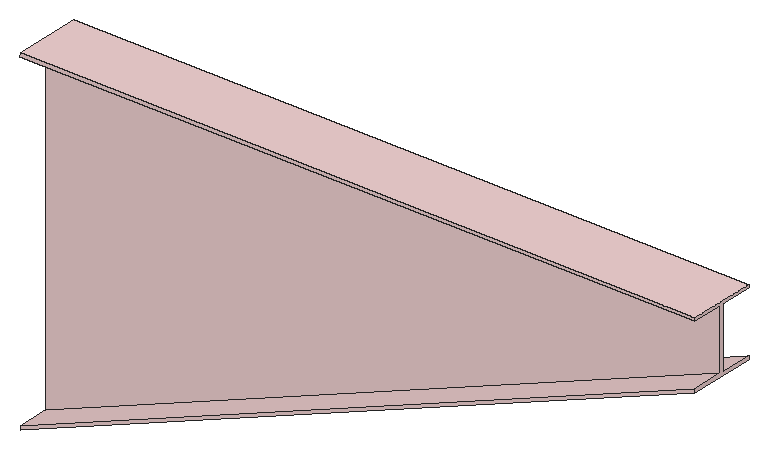
Revit family "Viga_Aco_Lam_UB_Bal", category Structural Framing, Revit 2025
Family settings
  Section Shape = Not Defined
  Material for Model Behavior = Steel
  Always export as geometry = No
  OmniClass Number = 23.25.30.11.14.14
  OmniClass Title = Beams
  Always vertical = Yes
  Cut with Voids When Loaded = No
  Symbolic Representation = From Family
  Shared = Yes
  Show family pre-cut in plan views = Yes
Parameters (values of type "VIG_MEN_100X020")
  Structural Material [instance] = CT_Estrutura_Metalica
  Mensula_L = 0.200 m
  Mensula_H_Menor = 0.200 m
  Mensula_H_Maior = 1.000 m
  Length [instance] = 3.000 m
Reference planes (m)
  plane 1 "Center (Front/Back)": y = 0
  plane 2 "Center Elevation": z = 0
  plane 3 "Center (Left/Right)": x = 0
  plane 4 "Left": x = -1.5
  plane 5 "Member Left": x = -1.25
  plane 6 "Stick Symbol Left": x = -1
  plane 7 "Right": x = 1.5
  plane 8 "Member Right": x = 1.25
  plane 9 "Stick Symbol Right": x = 1
  plane 10: y = -0.1
  plane 11: y = 0.1
  plane 12: z = 0.15
  plane 13: z = -0.85
  plane 14: z = 0.15
  plane 15: z = -0.05
Forms (m)
  SweptBlend 1, solid, material "CT_Estrutura_Metalica" <- "Structural Material"
    path in 3D
      loop
        line (-1, 0, 0) -> (1, 0, 0)
    profile origin (-1, 0, 0) x (0, 1, 0) y (0, 0, 1)
      loop
        line (-0.1, 0.15) -> (-0.1, 0.14) -> (-0.005, 0.14) -> (-0.005, -0.84) -> (-0.1, -0.84) -> (-0.1, -0.85) -> (0.1, -0.85) -> (0.1, -0.84) -> (0.005, -0.84) -> (0.005, 0.14) -> (0.1, 0.14) -> (0.1, 0.15) -> (-0.1, 0.15)
    end profile origin (1, 0, 0) x (0, 1, 0) y (0, 0, 1)
      loop
        line (-0.1, 0.15) -> (-0.1, 0.14) -> (-0.005, 0.14) -> (-0.005, -0.04) -> (-0.1, -0.04) -> (-0.1, -0.05) -> (0.1, -0.05) -> (0.1, -0.04) -> (0.005, -0.04) -> (0.005, 0.14) -> (0.1, 0.14) -> (0.1, 0.15) -> (-0.1, 0.15)
Lines and regions (m)
  model lines, style "Stick Symbols", detail levels coarse
    curve 1: line (-1, 0, 0) -> (1, 0, 0)
  sketch lines
    curve 2: line (-1, 0, 0) -> (1, 0, 0)
Dimensions and locks (m)
  equal spacing: plane 4 "Left", plane 3 "Center (Left/Right)", plane 7 "Right"
  "Length": plane 4 "Left" to plane 7 "Right"
  "Mensula_H_Maior": plane 12 to plane 13
  "Mensula_L": plane 11 to plane 10
  "Mensula_H_Menor": plane 14 to plane 15
  equal spacing: plane 11, plane 1 "Center (Front/Back)", plane 10  (x2)
  locked: SweptBlend 1 sketch curve to SweptBlend 1 sketch curve at 0.01  (x6)
  equal spacing: SweptBlend 1 sketch curve, plane 1 "Center (Front/Back)", SweptBlend 1 sketch curve
  aligned and locked: plane 1 "Center (Front/Back)" to curve 1
  aligned and locked: plane 6 "Stick Symbol Left" to curve 1
  aligned and locked: plane 9 "Stick Symbol Right" to curve 1
  aligned and locked: level to plane 2 "Center Elevation"
  aligned and locked: SweptBlend 1 sketch curve to plane 13
  aligned and locked: plane 12 to SweptBlend 1 sketch curve
  aligned and locked: plane 14 to SweptBlend 1 sketch curve
  aligned and locked: SweptBlend 1 sketch curve to plane 15
Automatic sketch dimensions
  SweptBlend 1 sketch curve to plane 10 = 0.000 m  (x2)
  SweptBlend 1 sketch curve to plane 11 = 0.000 m  (x2)
  SweptBlend 1 sketch curve to SweptBlend 1 sketch curve = 0.000 m
  SweptBlend 1 sketch curve to plane 12 = 0.010 m
  profile plane to SweptBlend 1 sketch curve = 0.100 m  (x2)
  profile plane to SweptBlend 1 sketch curve = 0.005 m
  SweptBlend 1 sketch curve to SweptBlend 1 sketch curve = 0.095 m  (x2)
  SweptBlend 1 sketch curve to plane 14 = 0.010 m
  plane 15 to SweptBlend 1 sketch curve = 0.010 m
